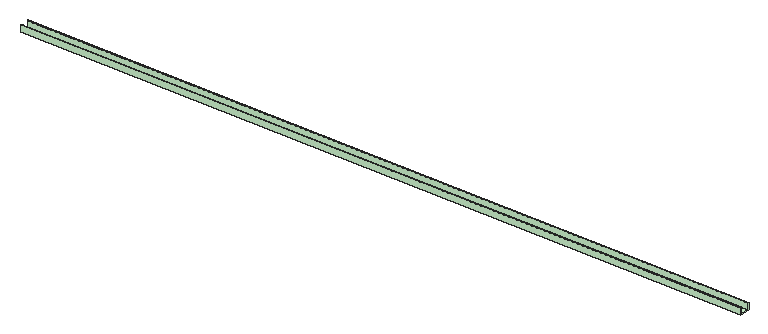
Revit family "sqrunner_50", category 機械設備, Revit 2022
Family settings
  丸型コネクタ寸法 = 直径を使用
  種別 = なし
  パーツ タイプ = 標準
  作業面ベース = いいえ
  常に垂直 = はい
  ロード時にボイドで切り取り = いいえ
  注釈の向きを維持 = いいえ
  共有 = いいえ
  部屋計算ポイント = いいえ
Parameters
  製造元 = "株式会社桐井製作所"
  既定の高さ = 0 mm
  URL = "https://www.kirii.co.jp/"
  K_長さ(mm) [instance] = 4000 mm
  K_材質 = "SGCC　一般用"
  K_外形寸法(mm) = "52×35×35"
  K_品名 = "SQ-ランナー50"
  K_名称 = "角型スタッド用ランナー"
  K_バージョン情報 = "20210524"
  K_めっき付着量 = "Z08"
  K_JIS規格 = "JIS G 3302"
Reference planes
  plane 1 "中心(正面/背面)": y = 0
  plane 2: z = 0
  plane 3 "中心(左/右)": x = 0
  plane 4: x = 4000
  plane 5: y = 26
  plane 6: y = -26
Forms (mm)
  Extrusion 1, solid
    sketch origin (0, 0, 0) x (0, 1, 0) y (0, 0, 1)
      loop
        line (-26, 0) -> (26, 0) -> (26, 35) -> (25.2, 35) -> (25.2, 0.8) -> (-25.2, 0.8) -> (-25.2, 35) -> (-26, 35) -> (-26, 0)
    from 0 to 4000
Dimensions and locks
  "K_長さ(mm)": plane 3 "中心(左/右)" to plane 4
  aligned and locked: level to plane 2
  aligned and locked: plane 4 to Extrusion 1
  aligned and locked: Extrusion 1 to plane 4
Automatic sketch dimensions
  Extrusion 1 sketch curve to plane 6 = 0 mm
  Extrusion 1 sketch curve to plane 5 = 0 mm
  Extrusion 1 sketch curve to level = 0 mm
  plane 6 to Extrusion 1 sketch curve = 0.8 mm
  Extrusion 1 sketch curve to plane 5 = 0.8 mm
  level to Extrusion 1 sketch curve = 0.8 mm
  Extrusion 1 sketch curve to Extrusion 1 sketch curve = 34.2 mm  (x2)
